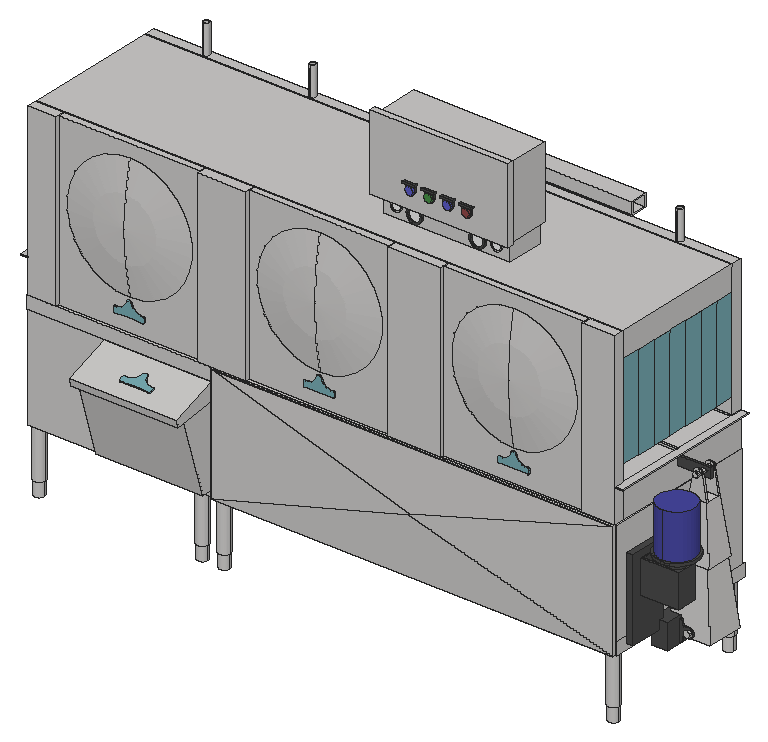
Revit family (continued)
Lines and regions (in)
  symbolic lines, visible <- "Swing Doors"
    curve 56: line (28.26522, -72.99273, 55.5) -> (28.26522, -74.11773, 55.5)
    curve 57: line (29.01522, -72.99273, 55.5) -> (29.01522, -74.11773, 55.5)
    curve 58: arc (29.01522, -74.11773, 55.5) -> (28.64022, -74.49273, 55.5) -> (28.26522, -74.11773, 55.5) r 0.375
    curve 59: line (39.64022, -72.99273, 55.5) -> (39.64022, -74.11773, 55.5)
    curve 60: line (40.39022, -72.99273, 55.5) -> (40.39022, -74.11773, 55.5)
    curve 61: arc (40.39022, -74.11773, 55.5) -> (40.01522, -74.49273, 55.5) -> (39.64022, -74.11773, 55.5) r 0.375
  symbolic lines, style "QF_Clearances", visible <- "Swing Doors", detail levels coarse
    curve 62: line (-22.70185, -73, 55.5) -> (-22.70185, -95.5, 55.5)
    curve 63: arc (-22.70185, -95.5, 55.5) -> (-6.79195, -88.9099, 55.5) -> (-0.20185, -73, 55.5) r 22.5
    curve 64: line (7.57772, -73, 55.5) -> (7.57772, -95.5, 55.5)
    curve 65: arc (7.57772, -95.5, 55.5) -> (23.48762, -88.9099, 55.5) -> (30.07772, -73, 55.5) r 22.5
    curve 66: line (61.07772, -73, 55.5) -> (61.07772, -95.5, 55.5)
    curve 67: arc (61.07772, -95.5, 55.5) -> (45.16782, -88.9099, 55.5) -> (38.57772, -73, 55.5) r 22.5
  symbolic lines, style "QF_Surface Details"
    curve 68: line (18.81124, -55.78126, 52.4375) -> (47.81124, -55.78126, 52.4375)
    curve 69: line (47.81124, -55.78126, 52.4375) -> (43.31124, -53.28687, 52.4375)
    curve 70: line (47.81124, -55.78126, 52.4375) -> (43.31124, -58.27565, 52.4375)
Dimensions and locks (in)
  "Depth": plane 6 "FRONT" to plane 3 "BACK"
  locked: plane 7 "Right of Top" to plane 5 "RIGHT" at 0.25
  locked: plane 7 "Right of Top" to plane 8 "Right of Ledge" at 1.5
  locked: plane 11 "Bottom of Machine" to level at 10
  "Table Height": plane 12 "Table Height" to level
  "Machine Height": plane 13 "Top of Machine" to level
  "Total Height": plane 4 "TOP" to level
  locked: plane 15 to plane 11 "Bottom of Machine" at 2
  locked: plane 12 "Table Height" to plane 14 "Panel Top" at 5.5
  locked: plane 6 "FRONT" to plane 16 at 0.5
  locked: plane 3 "BACK" to plane 17 at 0.5
  locked: plane 18 to plane 2 "Left of Main Body" at 0.25
  locked: plane 5 "RIGHT" to plane 19 at 0.25
  locked: plane 3 "BACK" to plane 20 at 1.625
  locked: plane 6 "FRONT" to plane 21 at 1.625
  equal spacing: plane 2 "Left of Main Body", plane 22 "Door Center", plane 5 "RIGHT"
  "Single Door Opening": plane 23 to plane 24
  locked: plane 13 "Top of Machine" to plane 25 "Top of Opening" at 4
  locked: plane 22 "Door Center" to Blend 10 sketch curve at 0.03125  (x2)
  locked: Extrusion 13 sketch curve to plane 21 at 1.125
  locked: plane 26 to level at 2.25
  plane 18 to Extrusion 14 sketch curve = 0' - 1 1/4"
  plane 17 to Extrusion 14 sketch curve = 0' - 1 1/2"
  locked: plane 17 to Extrusion 15 sketch curve at 1.5
  locked: plane 18 to Extrusion 15 sketch curve at 1.25
  locked: plane 17 to Extrusion 16 sketch curve at 1.5
  locked: Extrusion 16 sketch curve to plane 19 at 1.25
  locked: Extrusion 17 sketch curve to plane 19 at 1.25
  locked: plane 17 to Extrusion 17 sketch curve at 1.5
  locked: Extrusion 20 sketch curve to plane 19 at 1.25
  locked: Extrusion 20 sketch curve to plane 16 at 1.5
  locked: Extrusion 21 sketch curve to plane 19 at 1.25
  locked: Extrusion 21 sketch curve to plane 16 at 1.5
  locked: Extrusion 18 sketch curve to plane 16 at 1.5
  locked: plane 18 to Extrusion 18 sketch curve at 1.25
  locked: Extrusion 19 sketch curve to plane 16 at 1.5
  locked: plane 18 to Extrusion 19 sketch curve at 1.25
  locked: plane 27 to plane 22 "Door Center" at 10
  locked: plane 27 to plane 28 at 20
  locked: plane 29 to plane 22 "Door Center" at 11
  locked: plane 29 to plane 30 at 22
  plane 31 "Front of Lower Panel" to plane 6 "FRONT" = 0' - 6 1/2"
  locked: plane 32 to plane 31 "Front of Lower Panel" at 6
  locked: plane 33 to plane 6 "FRONT" at 6
  locked: plane 34 "Back of Panel" to plane 33 at 7
  locked: plane 33 to plane 35 "Front of Upper Panel" at 1
  locked: plane 29 to plane 36 at 0.5
  locked: plane 37 to plane 30 at 0.5
  locked: Extrusion 27 sketch curve to plane 27 at 5
  locked: Extrusion 27 sketch curve to plane 13 "Top of Machine" at 1.5
  locked: Extrusion 28 sketch curve to plane 27 at 2
  locked: Extrusion 28 sketch curve to plane 13 "Top of Machine" at 1.75
  locked: Extrusion 31 sketch curve to plane 28 at 5
  locked: Extrusion 31 sketch curve to plane 13 "Top of Machine" at 1.5
  locked: Extrusion 32 sketch curve to plane 28 at 2
  locked: Extrusion 32 sketch curve to plane 13 "Top of Machine" at 1.75
  locked: Extrusion 41 sketch curve to plane 23 at 11.25035
  locked: Extrusion 41 sketch curve to plane 14 "Panel Top" at 4.12493
  locked: plane 38 to plane 9 "Right End Cowl" at 0.125
  locked: plane 10 to plane 39 at 3.875
  locked: plane 40 to plane 41 at 24.875
  locked: plane 41 to plane 6 "FRONT" at 0.0625
  plane 42 "Top of Vents" to plane 13 "Top of Machine" = 0' - 4"
  locked: Extrusion 46 sketch curve to plane 5 "RIGHT" at 1.375
  locked: plane 5 "RIGHT" to Extrusion 47 sketch curve at 6
  locked: plane 5 "RIGHT" to Extrusion 50 sketch curve at 6
  locked: plane 5 "RIGHT" to Extrusion 51 sketch curve at 6
  locked: plane 5 "RIGHT" to Blend 49 sketch curve at 6
  locked: Extrusion 62 sketch curve to plane 3 "BACK" at 0.75
  locked: plane 43 to plane 22 "Door Center" at 14.5
  locked: plane 43 to plane 44 at 29
  locked: plane 46 to plane 13 "Top of Machine" at 2
  locked: plane 45 to plane 3 "BACK" at 3
  Extrusion 65 sketch curve to plane 13 "Top of Machine" = 1' - 1"
  locked: plane 30 to Extrusion 65 sketch curve at 1
  Extrusion 66 sketch curve to plane 3 "BACK" = 0' - 3"
  locked: plane 47 to plane 3 "BACK" at 5
  locked: plane 48 to plane 13 "Top of Machine" at 29
  "Single Door Opening": plane 49 to plane 50
  locked: Extrusion 62 sketch curve to plane 5 "RIGHT" at 9
  locked: Extrusion 75 sketch curve to plane 3 "BACK" at 0.75
  locked: plane 51 to plane 53 at 0.125
  locked: plane 54 to plane 52 at 3.875
  "Width": plane 55 "LEFT" to plane 5 "RIGHT"
  locked: plane 57 to plane 56 at 1.5
  "Single Door Opening": plane 60 to plane 59
  locked: plane 55 "LEFT" to Extrusion 94 sketch curve at 9
  Extrusion 66 sketch curve to plane 5 "RIGHT" = 0' - 5"
  locked: plane 55 "LEFT" to plane 56 at 0.25
  locked: plane 58 to plane 55 "LEFT" at 0.25
  locked: plane 61 to plane 18 at 17
  plane 55 "LEFT" to Extrusion 89 sketch curve = 1' - 9"
  plane 55 "LEFT" to Extrusion 75 sketch curve = 2' - 2"
  locked: plane 53 to plane 54 at 2.9375
  locked: plane 51 to plane 55 "LEFT" at 10
  locked: plane 39 to plane 38 at 2.9375
  plane 5 "RIGHT" to plane 9 "Right End Cowl" = 0' - 10"
  locked: plane 55 "LEFT" to plane 2 "Left of Main Body" at 29.5
  locked: plane 55 "LEFT" to plane 60 at 4.47043
  locked: plane 2 "Left of Main Body" to plane 23 at 5.25
  locked: plane 50 to plane 5 "RIGHT" at 5.25
  locked: plane 60 to plane 63 at 0.25
  locked: plane 65 to plane 59 at 0.125
  locked: plane 67 to plane 59 at 1.4375
  locked: plane 23 to plane 62 at 0.25
  plane 64 to plane 24 = 0' - 0 1/8"
  locked: plane 66 to plane 24 at 1.4375
  locked: plane 49 to plane 68 at 0.125
  locked: plane 49 to plane 69 at 1.4375
  locked: plane 70 to plane 50 at 0.25
  aligned and locked: level to plane 1
  aligned and locked: Extrusion 1 sketch curve to plane 17
  aligned and locked: Extrusion 1 sketch curve to plane 18
  aligned and locked: plane 19 to Extrusion 1 sketch curve
  aligned and locked: Extrusion 1 to plane 11 "Bottom of Machine"
  aligned and locked: plane 15 to Extrusion 1
  aligned and locked: plane 2 "Left of Main Body" to Extrusion 2 sketch curve
  aligned and locked: plane 6 "FRONT" to Extrusion 2 sketch curve
  aligned and locked: plane 3 "BACK" to Extrusion 2 sketch curve
  aligned and locked: plane 14 "Panel Top" to Extrusion 2
  aligned and locked: Extrusion 2 to plane 15
  aligned: plane 2 "Left of Main Body" to Extrusion 3 sketch curve
  aligned and locked: Extrusion 3 sketch curve to plane 6 "FRONT"
  aligned and locked: Extrusion 3 sketch curve to plane 3 "BACK"
  aligned and locked: plane 5 "RIGHT" to Extrusion 4 sketch curve
  aligned and locked: plane 6 "FRONT" to Extrusion 4 sketch curve
  aligned and locked: plane 8 "Right of Ledge" to Extrusion 4 sketch curve
  aligned and locked: plane 3 "BACK" to Extrusion 4 sketch curve
  aligned and locked: plane 3 "BACK" to Extrusion 5 sketch curve
  aligned and locked: Extrusion 5 sketch curve to plane 21
  aligned and locked: Extrusion 5 to plane 14 "Panel Top"
  aligned and locked: plane 3 "BACK" to Extrusion 6 sketch curve
  aligned and locked: plane 20 to Extrusion 6 sketch curve
  aligned and locked: Extrusion 7 sketch curve to plane 5 "RIGHT"
  aligned and locked: Extrusion 7 sketch curve to plane 21
  aligned and locked: Extrusion 7 sketch curve to plane 20
  aligned and locked: plane 3 "BACK" to Extrusion 8 sketch curve
  aligned and locked: plane 20 to Extrusion 8 sketch curve
  aligned and locked: Extrusion 8 sketch curve to plane 5 "RIGHT"
  aligned and locked: Extrusion 8 to plane 12 "Table Height"
  aligned and locked: Extrusion 7 to plane 25 "Top of Opening"
  aligned and locked: Extrusion 9 sketch curve to plane 23
  aligned and locked: plane 14 "Panel Top" to Extrusion 9 sketch curve
  aligned and locked: Extrusion 9 to plane 21
  aligned and locked: Extrusion 9 sketch curve to plane 13 "Top of Machine"
  aligned and locked: plane 2 "Left of Main Body" to Blend 10 sketch curve
  aligned and locked: plane 11 "Bottom of Machine" to Blend 10 sketch curve
  aligned and locked: Blend 10 sketch curve to plane 14 "Panel Top"
  aligned and locked: Blend 10 sketch curve to plane 5 "RIGHT"
  aligned and locked: plane 6 "FRONT" to Extrusion 1 sketch curve
  aligned and locked: plane 2 "Left of Main Body" to Extrusion 11 sketch curve
  aligned and locked: Extrusion 11 sketch curve to plane 6 "FRONT"
  aligned and locked: plane 16 to Extrusion 11 sketch curve
  aligned and locked: Extrusion 11 sketch curve to plane 5 "RIGHT"
  aligned and locked: Extrusion 11 to plane 11 "Bottom of Machine"
  aligned and locked: plane 14 "Panel Top" to Extrusion 11
  aligned and locked: Extrusion 12 sketch curve to plane 13 "Top of Machine"
  aligned and locked: Extrusion 12 sketch curve to plane 5 "RIGHT"
  aligned and locked: plane 14 "Panel Top" to Extrusion 12 sketch curve
  aligned and locked: Extrusion 12 to plane 21
  aligned and locked: Extrusion 13 sketch curve to plane 24
  aligned and locked: plane 21 to Extrusion 13 sketch curve
  aligned and locked: plane 23 to Extrusion 13 sketch curve
  aligned and locked: Extrusion 13 to plane 14 "Panel Top"
  aligned and locked: plane 26 to Extrusion 14
  aligned and locked: Extrusion 15 to plane 26
  aligned and locked: plane 11 "Bottom of Machine" to Extrusion 15
  aligned and locked: plane 21 to Extrusion 22 sketch curve
  aligned and locked: plane 5 "RIGHT" to Extrusion 22 sketch curve  (x7)
  aligned and locked: plane 20 to Extrusion 22 sketch curve
  aligned: plane 2 "Left of Main Body" to Extrusion 23 sketch curve  (x7)
  aligned and locked: Extrusion 23 sketch curve to plane 20
  aligned and locked: Extrusion 23 sketch curve to plane 21
  aligned and locked: Extrusion 24 sketch curve to plane 32
  aligned and locked: plane 31 "Front of Lower Panel" to Extrusion 24 sketch curve
  aligned and locked: plane 27 to Extrusion 24 sketch curve
  aligned and locked: plane 28 to Extrusion 24 sketch curve
  aligned and locked: Extrusion 25 sketch curve to plane 34 "Back of Panel"
  aligned and locked: plane 33 to Extrusion 25 sketch curve
  aligned and locked: plane 36 to Extrusion 25 sketch curve
  aligned and locked: Extrusion 25 sketch curve to plane 37
  aligned and locked: Extrusion 26 sketch curve to plane 33
  aligned and locked: plane 35 "Front of Upper Panel" to Extrusion 26 sketch curve
  aligned and locked: plane 29 to Extrusion 26 sketch curve
  aligned and locked: Extrusion 26 sketch curve to plane 30
  aligned and locked: Extrusion 29 sketch curve to Extrusion 28  (x2)
  aligned and locked: Extrusion 30 sketch curve to Extrusion 27  (x2)
  aligned and locked: Extrusion 33 sketch curve to Extrusion 32  (x2)
  aligned and locked: Extrusion 34 sketch curve to Extrusion 31  (x2)
  aligned and locked: Extrusion 42 sketch curve to plane 13 "Top of Machine"
  aligned and locked: Extrusion 42 sketch curve to plane 6 "FRONT"
  aligned and locked: plane 21 to Extrusion 42 sketch curve
  aligned and locked: plane 20 to Extrusion 42 sketch curve
  aligned and locked: plane 3 "BACK" to Extrusion 42 sketch curve
  aligned and locked: plane 6 "FRONT" to Extrusion 43 sketch curve
  aligned and locked: Extrusion 43 sketch curve to plane 13 "Top of Machine"
  aligned and locked: plane 3 "BACK" to Extrusion 43 sketch curve
  aligned and locked: plane 20 to Extrusion 43 sketch curve
  aligned and locked: plane 25 "Top of Opening" to Extrusion 43 sketch curve
  aligned and locked: plane 21 to Extrusion 43 sketch curve
  aligned and locked: Extrusion 43 to plane 38
  aligned and locked: plane 38 to Extrusion 42
  aligned and locked: Extrusion 44 sketch curve to plane 10
  aligned and locked: plane 39 to Extrusion 44 sketch curve
  aligned and locked: plane 40 to Extrusion 44 sketch curve
  aligned and locked: Extrusion 44 sketch curve to plane 41
  aligned and locked: Extrusion 45 sketch curve to Extrusion 44  (x4)
  aligned and locked: Blend 49 sketch curve to Extrusion 48  (x2)
  aligned and locked: Extrusion 58 sketch curve to Extrusion 56  (x2)
  aligned and locked: Extrusion 46 to plane 5 "RIGHT"
  aligned and locked: Extrusion 52 to plane 5 "RIGHT"
  aligned: nested 1 to cut or joined group of Extrusion 42, Extrusion 45
  aligned and locked: plane 10 to nested 1
  aligned and locked: plane 39 to nested 1
  aligned and locked: plane 41 to nested 1
  aligned and locked: nested 1 to plane 40
  aligned and locked: Extrusion 63 to plane 43
  aligned and locked: Extrusion 63 to plane 44
  aligned and locked: Extrusion 64 to plane 44
  aligned and locked: Extrusion 64 to plane 43
  aligned and locked: plane 3 "BACK" to curve 1
  aligned and locked: curve 4 to plane 5 "RIGHT"
  aligned and locked: plane 6 "FRONT" to curve 3
  aligned and locked: curve 6 to plane 9 "Right End Cowl"
  aligned and locked: plane 43 to curve 8
  aligned and locked: plane 44 to curve 10
  aligned and locked: curve 9 to plane 45
  aligned and locked: plane 8 "Right of Ledge" to curve 12
  aligned and locked: curve 13 to plane 34 "Back of Panel"
  aligned and locked: plane 33 to curve 15
  aligned and locked: plane 36 to curve 14
  aligned and locked: curve 16 to plane 37
  aligned and locked: plane 29 to curve 20
  aligned and locked: plane 35 "Front of Upper Panel" to curve 19
  aligned and locked: curve 18 to plane 30
  aligned and locked: plane 41 to curve 24
  aligned and locked: curve 25 to plane 39
  aligned and locked: plane 10 to curve 23
  aligned and locked: curve 22 to plane 40
  aligned and locked: Extrusion 67 sketch curve to plane 17  (x2)
  aligned and locked: plane 47 to Extrusion 67 sketch curve
  aligned and locked: plane 44 to Extrusion 67 sketch curve
  aligned and locked: Extrusion 67 sketch curve to plane 45
  aligned and locked: plane 43 to Extrusion 67 sketch curve
  aligned: plane 42 "Top of Vents" to Extrusion 67
  aligned: plane 4 "TOP" to Extrusion 67
  aligned and locked: plane 13 "Top of Machine" to Extrusion 68 sketch curve
  aligned and locked: Extrusion 68 sketch curve to plane 24
  aligned and locked: plane 23 to Extrusion 68 sketch curve
  aligned and locked: Extrusion 68 sketch curve to plane 48
  aligned and locked: Extrusion 68 to plane 21
  aligned and locked: Extrusion 67 sketch curve to plane 8 "Right of Ledge"
  aligned and locked: Extrusion 69 sketch curve to plane 47
  aligned and locked: Extrusion 69 sketch curve to plane 8 "Right of Ledge"
  aligned and locked: plane 17 to Extrusion 69 sketch curve
  aligned and locked: Extrusion 69 sketch curve to plane 9 "Right End Cowl"
  aligned and locked: plane 4 "TOP" to Extrusion 69
  aligned and locked: curve 28 to plane 9 "Right End Cowl"
  aligned and locked: curve 27 to plane 47
  aligned and locked: Extrusion 71 sketch curve to plane 50
  aligned and locked: plane 49 to Extrusion 71 sketch curve
  aligned and locked: Extrusion 72 sketch curve to plane 50
  aligned and locked: plane 49 to Extrusion 72 sketch curve
  aligned and locked: plane 50 to Extrusion 12 sketch curve
  aligned and locked: plane 24 to Extrusion 74 sketch curve
  aligned and locked: Extrusion 74 sketch curve to plane 49
  aligned and locked: Extrusion 74 sketch curve to plane 13 "Top of Machine"
  aligned and locked: plane 14 "Panel Top" to Extrusion 74 sketch curve
  aligned and locked: Extrusion 74 to plane 21
  aligned and locked: Extrusion 74 to plane 6 "FRONT"
  aligned and locked: Extrusion 76 sketch curve to Extrusion 66  (x2)
  aligned and locked: Extrusion 77 to plane 53
  aligned and locked: plane 53 to Extrusion 78
  aligned and locked: plane 54 to Extrusion 79 sketch curve
  aligned and locked: Extrusion 79 sketch curve to plane 52
  aligned and locked: curve 30 to plane 51
  aligned and locked: curve 35 to plane 52
  aligned and locked: plane 54 to curve 33
  aligned and locked: plane 51 to Extrusion 80 sketch curve
  aligned and locked: plane 51 to curve 36
  aligned and locked: Extrusion 90 sketch curve to Extrusion 89  (x2)
  aligned and locked: plane 59 to Extrusion 9 sketch curve
  aligned and locked: Extrusion 91 sketch curve to plane 60
  aligned and locked: plane 55 "LEFT" to Extrusion 91 sketch curve
  aligned and locked: plane 55 "LEFT" to Extrusion 5 sketch curve
  aligned and locked: Extrusion 5 sketch curve to plane 5 "RIGHT"
  aligned and locked: Extrusion 6 sketch curve to plane 5 "RIGHT"  (x2)
  aligned and locked: plane 55 "LEFT" to Extrusion 6 sketch curve  (x2)
  aligned and locked: Extrusion 92 sketch curve to plane 58
  aligned: plane 18 to Extrusion 92 sketch curve
  aligned and locked: plane 19 to Extrusion 2 sketch curve
  aligned and locked: plane 55 "LEFT" to Extrusion 8 sketch curve
  aligned and locked: plane 55 "LEFT" to Extrusion 7 sketch curve
  aligned and locked: plane 57 to Extrusion 80
  aligned and locked: Extrusion 84 to plane 55 "LEFT"
  aligned and locked: Extrusion 84 to plane 11 "Bottom of Machine"
  aligned and locked: plane 61 to Extrusion 85
  aligned and locked: Extrusion 86 to Extrusion 85
  aligned and locked: plane 61 to curve 42
  aligned and locked: cut or joined group of Extrusion 42, Extrusion 45 to plane 5 "RIGHT"
  aligned and locked: plane 63 to Extrusion 115 sketch curve
  aligned and locked: Extrusion 115 sketch curve to plane 65
  aligned and locked: plane 21 to Extrusion 115 sketch curve
  aligned and locked: plane 6 "FRONT" to Extrusion 115 sketch curve
  aligned and locked: plane 62 to Extrusion 116 sketch curve
  aligned and locked: Extrusion 116 sketch curve to plane 64
  aligned and locked: plane 21 to Extrusion 116 sketch curve
  aligned and locked: plane 6 "FRONT" to Extrusion 116 sketch curve
  aligned and locked: plane 68 to Extrusion 117 sketch curve
  aligned and locked: Extrusion 117 sketch curve to plane 70
  aligned and locked: plane 21 to Extrusion 117 sketch curve
  aligned and locked: plane 6 "FRONT" to Extrusion 117 sketch curve
  aligned and locked: Extrusion 115 to plane 14 "Panel Top"
  aligned and locked: Extrusion 116 to plane 14 "Panel Top"
  aligned and locked: Extrusion 117 to plane 14 "Panel Top"
  aligned and locked: curve 62 to plane 60
  aligned and locked: curve 64 to plane 23
  aligned and locked: curve 66 to plane 50
Automatic sketch dimensions
  Extrusion 35 sketch curve to Extrusion 35 sketch curve = 0' - 1"  (x3)
  Extrusion 35 sketch curve to Extrusion 35 sketch curve = 0' - 2"  (x4)
  Extrusion 35 sketch curve to Extrusion 35 sketch curve = 0' - 0 1/4"  (x5)
  Extrusion 35 sketch curve to Extrusion 35 sketch curve = 0' - 0"  (x2)
  Extrusion 40 sketch curve to Extrusion 40 sketch curve = 0' - 1 1/2"  (x3)
  Extrusion 40 sketch curve to Extrusion 40 sketch curve = 0' - 0 3/4"  (x4)
  Extrusion 40 sketch curve to Extrusion 40 sketch curve = 0' - 0"  (x3)
  Extrusion 40 sketch curve to Extrusion 40 sketch curve = 0' - 0 7/8"  (x4)
  Extrusion 86 sketch curve to Extrusion 86 sketch curve = 0' - 0.24812"
  Extrusion 86 sketch curve to Extrusion 86 sketch curve = 0' - 1.04649"
  Extrusion 87 sketch curve to Extrusion 87 sketch curve = 0' - 0.25142"  (x2)
  Extrusion 87 sketch curve to Extrusion 87 sketch curve = 0' - 0.25483"
  Extrusion 87 sketch curve to Extrusion 87 sketch curve = 0' - 0.30345"
  Extrusion 87 sketch curve to Extrusion 87 sketch curve = 0' - 1.63184"  (x2)
  Extrusion 87 sketch curve to Extrusion 87 sketch curve = 0' - 1.52338"
  Extrusion 87 sketch curve to Extrusion 87 sketch curve = 0' - 0.41934"
  Extrusion 87 sketch curve to Extrusion 87 sketch curve = 0' - 0.42496"
  Extrusion 87 sketch curve to Extrusion 87 sketch curve = 0' - 0"  (x2)
  Extrusion 87 sketch curve to Extrusion 87 sketch curve = 0' - 1.22253"
  Extrusion 87 sketch curve to Extrusion 87 sketch curve = 0' - 1.51845"
  Extrusion 87 sketch curve to Extrusion 87 sketch curve = 0' - 0.00341"
  Extrusion 87 sketch curve to Extrusion 87 sketch curve = 0' - 11.90119"
  Extrusion 87 sketch curve to Extrusion 87 sketch curve = 0' - 0.08323"
  Extrusion 87 sketch curve to Extrusion 87 sketch curve = 0' - 0.48493"  (x2)
  Extrusion 87 sketch curve to Extrusion 87 sketch curve = 0' - 1.96861"
  Extrusion 105 sketch curve to Extrusion 105 sketch curve = 0' - 1"  (x3)
  Extrusion 105 sketch curve to Extrusion 105 sketch curve = 0' - 2"  (x4)
  Extrusion 105 sketch curve to Extrusion 105 sketch curve = 0' - 0 1/4"  (x5)
  Extrusion 105 sketch curve to Extrusion 105 sketch curve = 0' - 0"  (x2)
  Extrusion 110 sketch curve to Extrusion 110 sketch curve = 0' - 1 1/2"  (x3)
  Extrusion 110 sketch curve to Extrusion 110 sketch curve = 0' - 0 3/4"  (x4)
  Extrusion 110 sketch curve to Extrusion 110 sketch curve = 0' - 0"  (x3)
  Extrusion 110 sketch curve to Extrusion 110 sketch curve = 0' - 0 7/8"  (x4)
  Extrusion 85 sketch curve to Extrusion 85 sketch curve = 0' - 3.69119"
  Extrusion 85 sketch curve to Extrusion 85 sketch curve = 0' - 5.50369"
  Extrusion 85 sketch curve to Extrusion 85 sketch curve = 1' - 0.07335"
  Extrusion 85 sketch curve to Extrusion 85 sketch curve = 0' - 0.73915"
  Extrusion 86 sketch curve to Extrusion 86 sketch curve = 0' - 6.75188"
  Extrusion 86 sketch curve to Extrusion 86 sketch curve = 0' - 0.90679"
  Extrusion 86 sketch curve to Extrusion 86 sketch curve = 0' - 2 11/16"
  Extrusion 87 sketch curve to Extrusion 87 sketch curve = 0' - 0.61126"
  Extrusion 112 sketch curve to Extrusion 112 sketch curve = 0' - 0.24812"
  Extrusion 112 sketch curve to Extrusion 112 sketch curve = 0' - 1.04649"
  Extrusion 113 sketch curve to Extrusion 113 sketch curve = 0' - 0.25142"  (x2)
  Extrusion 113 sketch curve to Extrusion 113 sketch curve = 0' - 0.25483"
  Extrusion 113 sketch curve to Extrusion 113 sketch curve = 0' - 0.30345"
  Extrusion 113 sketch curve to Extrusion 113 sketch curve = 0' - 1.63184"  (x2)
  Extrusion 113 sketch curve to Extrusion 113 sketch curve = 0' - 1.52338"
  Extrusion 113 sketch curve to Extrusion 113 sketch curve = 0' - 0.41934"
  Extrusion 113 sketch curve to Extrusion 113 sketch curve = 0' - 0.42496"
  Extrusion 113 sketch curve to Extrusion 113 sketch curve = 0' - 0"  (x2)
  Extrusion 113 sketch curve to Extrusion 113 sketch curve = 0' - 1.22253"
  Extrusion 113 sketch curve to Extrusion 113 sketch curve = 0' - 1.51845"
  Extrusion 113 sketch curve to Extrusion 113 sketch curve = 0' - 0.00341"
  Extrusion 113 sketch curve to Extrusion 113 sketch curve = 0' - 11.90119"
  Extrusion 113 sketch curve to Extrusion 113 sketch curve = 0' - 0.08323"
  Extrusion 113 sketch curve to Extrusion 113 sketch curve = 0' - 0.48493"  (x2)
  Extrusion 113 sketch curve to Extrusion 113 sketch curve = 0' - 1.96861"
  Extrusion 111 sketch curve to Extrusion 111 sketch curve = 0' - 3.69119"
  Extrusion 111 sketch curve to Extrusion 111 sketch curve = 0' - 5.50369"
  Extrusion 111 sketch curve to Extrusion 111 sketch curve = 1' - 0.07335"
  Extrusion 111 sketch curve to Extrusion 111 sketch curve = 0' - 0.73915"
  Extrusion 112 sketch curve to Extrusion 112 sketch curve = 0' - 6.75188"
  Extrusion 112 sketch curve to Extrusion 112 sketch curve = 0' - 0.90679"
  Extrusion 112 sketch curve to Extrusion 112 sketch curve = 0' - 2 11/16"
  Extrusion 113 sketch curve to Extrusion 113 sketch curve = 0' - 0.61126"
  plane 32 to Extrusion 6 sketch curve = 0' - 0 1/4"
  Extrusion 6 sketch curve to plane 32 = 0' - 0 1/4"
  Extrusion 27 sketch curve to Extrusion 27 sketch curve = 0' - 0"  (x2)
  Extrusion 28 sketch curve to Extrusion 28 sketch curve = 0' - 0"  (x2)
  Extrusion 31 sketch curve to Extrusion 31 sketch curve = 0' - 0"  (x2)
  Extrusion 32 sketch curve to Extrusion 32 sketch curve = 0' - 0"  (x2)
  Extrusion 44 sketch curve to plane 41 = 0' - 0 1/8"
  plane 40 to Extrusion 44 sketch curve = 0' - 0 1/8"
  Extrusion 44 sketch curve to plane 10 = 0' - 0 1/8"
  plane 39 to Extrusion 44 sketch curve = 0' - 0 1/8"
  Extrusion 47 sketch curve to plane 35 "Front of Upper Panel" = 0' - 0 3/16"
  Blend 49 sketch curve to plane 35 "Front of Upper Panel" = 0' - 0 3/16"
  Extrusion 50 sketch curve to plane 35 "Front of Upper Panel" = 0' - 0 3/16"
  Extrusion 51 sketch curve to plane 35 "Front of Upper Panel" = 0' - 0 3/16"
  Blend 59 sketch curve to plane 8 "Right of Ledge" = 0' - 0 5/16"
  Blend 59 sketch curve to plane 32 = 0' - 2 1/4"
  plane 34 "Back of Panel" to Blend 59 sketch curve = 0' - 1 3/4"
  Blend 59 sketch curve to plane 39 = 0' - 0 1/4"
  Blend 59 sketch curve to plane 10 = 0' - 0 1/4"
  Blend 59 sketch curve to plane 32 = 0' - 1 1/4"
  plane 34 "Back of Panel" to Blend 59 sketch curve = 0' - 0 3/4"
  Blend 59 sketch curve to plane 39 = 0' - 1 1/4"
  plane 39 to Blend 60 sketch curve = 0' - 0 1/2"
  plane 31 "Front of Lower Panel" to Blend 60 sketch curve = 0' - 3"
  plane 34 "Back of Panel" to Blend 60 sketch curve = 0' - 2 1/2"
  plane 8 "Right of Ledge" to Blend 60 sketch curve = 0' - 0 7/16"
  Blend 60 sketch curve to plane 8 "Right of Ledge" = 0' - 0 9/16"
  Blend 60 sketch curve to plane 32 = 0' - 2"
  plane 34 "Back of Panel" to Blend 60 sketch curve = 0' - 1 1/2"
  Blend 60 sketch curve to plane 39 = 0' - 0 1/2"
  Extrusion 63 sketch curve to plane 46 = 0' - 0"
  Extrusion 63 sketch curve to plane 13 "Top of Machine" = 0' - 0"
  Extrusion 63 sketch curve to plane 45 = 0' - 0"
  Extrusion 63 sketch curve to plane 45 = 0' - 0 1/8"
  Extrusion 63 sketch curve to plane 17 = 0' - 0 1/8"
  Extrusion 63 sketch curve to Extrusion 63 sketch curve = 0' - 0 1/8"
  plane 13 "Top of Machine" to Extrusion 63 sketch curve = 0' - 0 1/8"
  Extrusion 63 sketch curve to plane 46 = 0' - 0 1/8"
  Extrusion 64 sketch curve to plane 3 "BACK" = 0' - 0"
  Extrusion 64 sketch curve to plane 13 "Top of Machine" = 0' - 0"
  Extrusion 64 sketch curve to plane 3 "BACK" = 0' - 0 1/4"
  Extrusion 64 sketch curve to Extrusion 64 sketch curve = 0' - 0 1/8"
  Extrusion 72 sketch curve to plane 13 "Top of Machine" = 0' - 0"
  Extrusion 72 sketch curve to plane 48 = 0' - 0"
  Extrusion 79 sketch curve to plane 41 = 0' - 0"
  Extrusion 79 sketch curve to plane 40 = 0' - 0"
  plane 41 to Extrusion 79 sketch curve = 0' - 0 1/8"
  Extrusion 79 sketch curve to plane 40 = 0' - 0 1/8"
  Extrusion 79 sketch curve to plane 52 = 0' - 0 1/8"
  plane 54 to Extrusion 79 sketch curve = 0' - 0 1/8"
  Extrusion 83 sketch curve to plane 48 = 0' - 0"
  Extrusion 83 sketch curve to plane 59 = 0' - 0"
  Extrusion 83 sketch curve to plane 13 "Top of Machine" = 0' - 0"
  Extrusion 83 sketch curve to plane 60 = 0' - 0"
  plane 41 to Extrusion 93 sketch curve = 0' - 0 1/8"
  Extrusion 93 sketch curve to plane 40 = 0' - 0 1/8"
  Extrusion 93 sketch curve to plane 52 = 0' - 0 1/8"
  plane 54 to Extrusion 93 sketch curve = 0' - 0 1/8"
  plane 59 to Extrusion 96 sketch curve = 0' - 0.02957"
  plane 20 to Extrusion 96 sketch curve = 0' - 0 5/8"
  plane 59 to Extrusion 97 sketch curve = 0' - 0.02957"
  plane 20 to Extrusion 97 sketch curve = 0' - 0 5/8"
  plane 56 to Extrusion 100 sketch curve = 0' - 0 3/4"
  plane 20 to Extrusion 100 sketch curve = 0' - 0 5/8"
  plane 56 to Extrusion 101 sketch curve = 0' - 0 3/4"
  plane 20 to Extrusion 101 sketch curve = 0' - 0 5/8"
  curve 37 to plane 57 = 0' - 0"
  curve 41 to plane 60 = 0' - 0"
  plane 21 to curve 39 = 0' - 0"
  curve 39 to plane 59 = 0' - 0"
  curve 44 to plane 6 "FRONT" = 0' - 0"
  curve 44 to plane 18 = 0' - 0"
  plane 21 to curve 47 = 0' - 0"
  curve 47 to plane 23 = 0' - 0"
  curve 48 to plane 24 = 0' - 0"
  plane 21 to curve 50 = 0' - 0"
  curve 50 to plane 49 = 0' - 0"
  curve 26 to plane 50 = 0' - 0"
  curve 52 to plane 50 = 0' - 0"
  curve 49 to plane 6 "FRONT" = 0' - 0"
  curve 51 to plane 6 "FRONT" = 0' - 0"
  curve 42 to plane 6 "FRONT" = 0' - 0"
  curve 46 to plane 6 "FRONT" = 0' - 0"
  curve 48 to plane 6 "FRONT" = 0' - 0"
  curve 38 to plane 6 "FRONT" = 0' - 0"
  curve 40 to plane 6 "FRONT" = 0' - 0"
  curve 36 to plane 17 = 0' - 0"
  curve 28 to plane 17 = 0' - 0"
  curve 44 to plane 16 = 0' - 6 1/2"
  plane 41 to curve 45 = 0' - 0 7/16"
  plane 41 to curve 52 = 0' - 0 7/16"
  plane 41 to curve 41 = 0' - 0 7/16"
  Extrusion 3 sketch curve to plane 55 "LEFT" = 0' - 0"
  Extrusion 3 sketch curve to plane 57 = 0' - 0"
  plane 15 to Blend 10 sketch curve = 0' - 7 7/32"
  Blend 10 sketch curve to Blend 10 sketch curve = 0' - 0 1/16"
  Extrusion 22 sketch curve to plane 35 "Front of Upper Panel" = 0' - 0 3/8"
  Extrusion 22 sketch curve to Extrusion 22 sketch curve = 0' - 0 1/8"  (x6)
  plane 31 "Front of Lower Panel" to Extrusion 22 sketch curve = 0' - 1 1/4"
  Extrusion 22 sketch curve to plane 32 = 0' - 1 5/8"
  Extrusion 22 sketch curve to plane 5 "RIGHT" = 0' - 0 1/8"  (x7)
  plane 34 "Back of Panel" to Extrusion 22 sketch curve = 0' - 1"
  Extrusion 22 sketch curve to Extrusion 22 sketch curve = 0' - 3"  (x2)
  Extrusion 23 sketch curve to plane 55 "LEFT" = 0' - 0"  (x7)
  plane 35 "Front of Upper Panel" to Extrusion 23 sketch curve = 0' - 0 3/8"
  Extrusion 23 sketch curve to Extrusion 23 sketch curve = 0' - 0 1/8"  (x10)
  Extrusion 23 sketch curve to plane 31 "Front of Lower Panel" = 0' - 1 1/4"
  plane 32 to Extrusion 23 sketch curve = 0' - 1 5/8"
  Extrusion 23 sketch curve to plane 55 "LEFT" = 0' - 0 1/8"  (x3)
  Extrusion 23 sketch curve to plane 34 "Back of Panel" = 0' - 1"
  Extrusion 23 sketch curve to Extrusion 23 sketch curve = 0' - 3"  (x2)
  Extrusion 41 sketch curve to Extrusion 41 sketch curve = 0' - 0.41934"
  Extrusion 41 sketch curve to plane 43 = 0' - 0.38874"
  plane 43 to Extrusion 41 sketch curve = 0' - 0.94306"
  plane 43 to Extrusion 41 sketch curve = 0' - 1.2431"
  Extrusion 41 sketch curve to Extrusion 41 sketch curve = 0' - 0.00341"  (x2)
  Extrusion 41 sketch curve to Extrusion 41 sketch curve = 0' - 0.25142"  (x2)
  Extrusion 41 sketch curve to plane 43 = 0' - 1"
  Extrusion 41 sketch curve to Extrusion 41 sketch curve = 0' - 0.42496"
  Extrusion 41 sketch curve to Extrusion 41 sketch curve = 0' - 0"
  Extrusion 41 sketch curve to Extrusion 41 sketch curve = 0' - 1.22253"
  Extrusion 41 sketch curve to Extrusion 41 sketch curve = 0' - 1.51845"
  Extrusion 41 sketch curve to Extrusion 41 sketch curve = 0' - 1.63184"
  Extrusion 41 sketch curve to plane 12 "Table Height" = 0' - 2.43574"  (x2)
  Extrusion 41 sketch curve to Extrusion 41 sketch curve = 0' - 0.48493"  (x2)
  Extrusion 41 sketch curve to Extrusion 41 sketch curve = 0' - 0.08323"
  plane 15 to Extrusion 41 sketch curve = 0' - 6.6719"
  Extrusion 42 sketch curve to plane 40 = 0' - 0 1/16"
  plane 41 to Extrusion 42 sketch curve = 0' - 0 1/16"
  Extrusion 42 sketch curve to plane 13 "Top of Machine" = 0' - 0 1/8"
  Extrusion 42 sketch curve to plane 25 "Top of Opening" = 0' - 0.88572"
  Extrusion 42 sketch curve to Extrusion 42 sketch curve = 0' - 0.05178"  (x2)
  Extrusion 42 sketch curve to Extrusion 42 sketch curve = 0' - 1 1/2"  (x2)
  Extrusion 42 sketch curve to Extrusion 42 sketch curve = 0' - 0.17678"  (x2)
  plane 12 "Table Height" to Extrusion 42 sketch curve = 0' - 5.17678"
  Extrusion 43 sketch curve to plane 25 "Top of Opening" = 0' - 0 15/16"
  Extrusion 43 sketch curve to Extrusion 43 sketch curve = 0' - 1 5/8"  (x2)
  plane 12 "Table Height" to Extrusion 43 sketch curve = 0' - 5 1/8"
  plane 19 to Extrusion 46 sketch curve = 0' - 0"
  Extrusion 46 sketch curve to plane 5 "RIGHT" = 0' - 0"
  Extrusion 46 sketch curve to plane 15 = 0' - 0"
  plane 11 "Bottom of Machine" to Extrusion 46 sketch curve = 0' - 0 15/16"
  Extrusion 46 sketch curve to plane 14 "Panel Top" = 0' - 4 9/16"
  Extrusion 52 sketch curve to plane 5 "RIGHT" = 0' - 0"
  plane 10 to Extrusion 52 sketch curve = 0' - 1 3/16"
  Extrusion 52 sketch curve to plane 39 = 0' - 1 7/16"
  Extrusion 52 sketch curve to plane 12 "Table Height" = 0' - 2 5/16"
  Extrusion 52 sketch curve to Extrusion 52 sketch curve = 0' - 0 3/4"
  Extrusion 52 sketch curve to plane 12 "Table Height" = 0' - 0 13/16"
  Extrusion 53 sketch curve to plane 15 = 0' - 0"
  plane 19 to Extrusion 53 sketch curve = 0' - 0"
  Extrusion 53 sketch curve to plane 5 "RIGHT" = 0' - 0"
  Extrusion 53 sketch curve to plane 10 = 0' - 0 5/16"
  Extrusion 53 sketch curve to plane 11 "Bottom of Machine" = 0' - 1 9/16"
  Extrusion 53 sketch curve to Extrusion 53 sketch curve = 0' - 0 7/16"
  Extrusion 54 sketch curve to Extrusion 54 sketch curve = 0' - 0"  (x2)
  plane 11 "Bottom of Machine" to Extrusion 54 sketch curve = 0' - 0 7/16"
  plane 10 to Extrusion 54 sketch curve = 0' - 1 3/16"
  plane 10 to Extrusion 54 sketch curve = 0' - 0 9/16"  (x2)
  Extrusion 54 sketch curve to plane 11 "Bottom of Machine" = 0' - 0 5/16"
  plane 10 to Extrusion 54 sketch curve = 0' - 0 3/16"  (x2)
  Extrusion 54 sketch curve to plane 10 = 0' - 0 1/16"  (x2)
  Extrusion 54 sketch curve to Extrusion 54 sketch curve = 0' - 0 1/4"
  Extrusion 54 sketch curve to Extrusion 54 sketch curve = 0' - 0 5/16"
  Extrusion 54 sketch curve to plane 15 = 0' - 0 1/8"
  Extrusion 55 sketch curve to Extrusion 55 sketch curve = 0' - 0"  (x2)
  plane 11 "Bottom of Machine" to Extrusion 55 sketch curve = 0' - 0 7/16"
  plane 10 to Extrusion 55 sketch curve = 0' - 1 3/16"
  plane 10 to Extrusion 55 sketch curve = 0' - 0 9/16"  (x2)
  Extrusion 55 sketch curve to plane 11 "Bottom of Machine" = 0' - 0 5/16"
  plane 10 to Extrusion 55 sketch curve = 0' - 0 3/16"  (x2)
  Extrusion 55 sketch curve to plane 10 = 0' - 0 1/16"  (x2)
  Extrusion 55 sketch curve to Extrusion 55 sketch curve = 0' - 0 1/4"
  Extrusion 55 sketch curve to Extrusion 55 sketch curve = 0' - 0 5/16"
  Extrusion 55 sketch curve to plane 15 = 0' - 0 1/8"
  Extrusion 56 sketch curve to Extrusion 56 sketch curve = 0' - 0"  (x6)
  plane 14 "Panel Top" to Extrusion 56 sketch curve = 0' - 0 3/16"
  Extrusion 56 sketch curve to plane 39 = 0' - 1 1/4"
  plane 10 to Extrusion 56 sketch curve = 0' - 1.92562"
  Extrusion 56 sketch curve to Extrusion 56 sketch curve = 0' - 0.36312"  (x2)
  Extrusion 56 sketch curve to Extrusion 56 sketch curve = 0' - 0 3/8"
  Extrusion 56 sketch curve to plane 10 = 0' - 0 1/4"
  Extrusion 56 sketch curve to plane 12 "Table Height" = 0' - 1 9/16"
  Extrusion 56 sketch curve to Extrusion 56 sketch curve = 0' - 0.13295"
  Extrusion 57 sketch curve to Extrusion 57 sketch curve = 0' - 0"  (x6)
  plane 14 "Panel Top" to Extrusion 57 sketch curve = 0' - 0 3/16"
  Extrusion 57 sketch curve to plane 39 = 0' - 1 1/4"
  plane 10 to Extrusion 57 sketch curve = 0' - 1.92562"
  Extrusion 57 sketch curve to Extrusion 57 sketch curve = 0' - 0.36312"  (x2)
  Extrusion 57 sketch curve to Extrusion 57 sketch curve = 0' - 0 3/8"
  Extrusion 57 sketch curve to plane 10 = 0' - 0 1/4"
  Extrusion 57 sketch curve to plane 12 "Table Height" = 0' - 1 9/16"
  Extrusion 57 sketch curve to Extrusion 57 sketch curve = 0' - 0.13295"
  Extrusion 61 sketch curve to Extrusion 61 sketch curve = 0' - 0"  (x2)
  plane 11 "Bottom of Machine" to Extrusion 61 sketch curve = 0' - 0 7/16"
  plane 10 to Extrusion 61 sketch curve = 0' - 1 11/16"
  Extrusion 61 sketch curve to Extrusion 61 sketch curve = 0' - 0 1/2"
  Extrusion 62 sketch curve to Extrusion 62 sketch curve = 0' - 0"  (x2)
  Extrusion 66 sketch curve to Extrusion 66 sketch curve = 0' - 0"  (x2)
  curve 30 to plane 6 "FRONT" = 0' - 0"
  curve 12 to plane 6 "FRONT" = 0' - 0"
  curve 34 to plane 41 = 0' - 0"
  curve 32 to plane 40 = 0' - 0"
  plane 3 "BACK" to curve 29 = 0' - 0"
  plane 3 "BACK" to curve 6 = 0' - 0"
  curve 1 to plane 8 "Right of Ledge" = 0' - 0"
  curve 29 to plane 55 "LEFT" = 0' - 0"
  curve 3 to plane 57 = 0' - 0"
  Extrusion 67 sketch curve to plane 57 = 0' - 0"
  Revolve 70 sketch curve to plane 16 = 0' - 0"
  Revolve 70 sketch curve to plane 16 = 0' - 10 3/4"
  plane 41 to Revolve 70 sketch curve = 0' - 0 7/16"
  plane 31 "Front of Lower Panel" to Revolve 70 sketch curve = 0' - 2 3/4"
  Revolve 70 sketch curve to plane 25 "Top of Opening" = 0' - 7.74993"
  plane 47 to Revolve 70 sketch curve = 1' - 5.49935"
  Revolve 70 sketch curve to plane 25 "Top of Opening" = 0' - 8"  (x2)
  plane 21 to Extrusion 71 sketch curve = 0' - 0"
  plane 41 to Extrusion 71 sketch curve = 0' - 0 7/16"
  Revolve 73 sketch curve to plane 16 = 0' - 0"
  Revolve 73 sketch curve to plane 16 = 0' - 10 3/4"
  plane 41 to Revolve 73 sketch curve = 0' - 0 7/16"
  plane 31 "Front of Lower Panel" to Revolve 73 sketch curve = 0' - 2 3/4"
  Revolve 73 sketch curve to plane 25 "Top of Opening" = 0' - 7.74993"
  plane 47 to Revolve 73 sketch curve = 1' - 5.49935"
  Revolve 73 sketch curve to plane 25 "Top of Opening" = 0' - 8"  (x2)
  Extrusion 75 sketch curve to Extrusion 75 sketch curve = 0' - 0"  (x2)
  Extrusion 77 sketch curve to plane 6 "FRONT" = 0' - 0"
  Extrusion 77 sketch curve to plane 21 = 0' - 0"
  Extrusion 77 sketch curve to plane 20 = 0' - 0"
  Extrusion 77 sketch curve to plane 3 "BACK" = 0' - 0"
  Extrusion 77 sketch curve to plane 13 "Top of Machine" = 0' - 0"
  plane 41 to Extrusion 77 sketch curve = 0' - 0 1/16"
  Extrusion 77 sketch curve to plane 40 = 0' - 0 1/16"
  Extrusion 77 sketch curve to plane 13 "Top of Machine" = 0' - 0 1/8"
  Extrusion 77 sketch curve to plane 25 "Top of Opening" = 0' - 0.88572"
  Extrusion 77 sketch curve to Extrusion 77 sketch curve = 0' - 0.05178"  (x2)
  Extrusion 77 sketch curve to Extrusion 77 sketch curve = 0' - 1 1/2"  (x2)
  Extrusion 77 sketch curve to Extrusion 77 sketch curve = 0' - 0.17678"  (x2)
  plane 12 "Table Height" to Extrusion 77 sketch curve = 0' - 5.17678"
  Extrusion 78 sketch curve to plane 6 "FRONT" = 0' - 0"
  Extrusion 78 sketch curve to plane 21 = 0' - 0"
  Extrusion 78 sketch curve to plane 20 = 0' - 0"
  Extrusion 78 sketch curve to plane 3 "BACK" = 0' - 0"
  Extrusion 78 sketch curve to plane 25 "Top of Opening" = 0' - 0"
  Extrusion 78 sketch curve to plane 13 "Top of Machine" = 0' - 0"
  Extrusion 78 sketch curve to plane 25 "Top of Opening" = 0' - 0 15/16"
  Extrusion 78 sketch curve to Extrusion 78 sketch curve = 0' - 1 5/8"  (x2)
  plane 12 "Table Height" to Extrusion 78 sketch curve = 0' - 5 1/8"
  Extrusion 80 sketch curve to plane 17 = 0' - 0"
  Extrusion 80 sketch curve to plane 57 = 0' - 0"
  Extrusion 80 sketch curve to plane 47 = 0' - 0"
  Extrusion 81 sketch curve to plane 60 = 0' - 0"
  Extrusion 81 sketch curve to plane 59 = 0' - 0"
  plane 21 to Extrusion 81 sketch curve = 0' - 0"
  plane 41 to Extrusion 81 sketch curve = 0' - 0 7/16"
  Extrusion 82 sketch curve to plane 61 = 0' - 5.97882"
  Extrusion 82 sketch curve to Extrusion 82 sketch curve = 0' - 0.25142"  (x2)
  Extrusion 82 sketch curve to Extrusion 82 sketch curve = 0' - 0.25483"
  Extrusion 82 sketch curve to Extrusion 82 sketch curve = 0' - 0.30345"
  Extrusion 82 sketch curve to Extrusion 82 sketch curve = 0' - 1.63184"
  Extrusion 82 sketch curve to Extrusion 82 sketch curve = 0' - 1.52338"
  Extrusion 82 sketch curve to Extrusion 82 sketch curve = 0' - 0.41934"
  Extrusion 82 sketch curve to plane 61 = 0' - 3.48089"
  Extrusion 82 sketch curve to Extrusion 82 sketch curve = 0' - 0.42496"
  Extrusion 82 sketch curve to Extrusion 82 sketch curve = 0' - 0"
  Extrusion 82 sketch curve to Extrusion 82 sketch curve = 0' - 1.22253"
  Extrusion 82 sketch curve to plane 61 = 0' - 1.53783"
  Extrusion 82 sketch curve to plane 61 = 0' - 1.23779"
  Extrusion 82 sketch curve to Extrusion 82 sketch curve = 0' - 0.00341"
  plane 15 to Extrusion 82 sketch curve = 0' - 6.6719"
  plane 14 "Panel Top" to Extrusion 82 sketch curve = 0' - 2.07309"  (x2)
  Extrusion 82 sketch curve to Extrusion 82 sketch curve = 0' - 0.08323"
  Extrusion 82 sketch curve to Extrusion 82 sketch curve = 0' - 0.48493"  (x2)
  Extrusion 82 sketch curve to plane 12 "Table Height" = 0' - 1.37507"
  plane 18 to Extrusion 84 sketch curve = 0' - 0"
  Extrusion 84 sketch curve to plane 11 "Bottom of Machine" = 0' - 0"
  Extrusion 84 sketch curve to plane 55 "LEFT" = 0' - 0"
  Extrusion 84 sketch curve to plane 14 "Panel Top" = 0' - 2"
  plane 50 to Sweep 88 sketch curve = 0' - 0.09543"
  plane 11 "Bottom of Machine" to Sweep 88 sketch curve = 0' - 0 1/2"
  Sweep 88 sketch curve to plane 61 = 0' - 4.09543"
  Sweep 88 sketch curve to Sweep 88 sketch curve = 0' - 2"
  Sweep 88 sketch curve to Sweep 88 sketch curve = 0' - 0"  (x2)
  profile plane to Sweep 88 sketch curve = 0' - 0"
  Sweep 88 sketch curve to profile plane = 0' - 0"
  Extrusion 89 sketch curve to Extrusion 89 sketch curve = 0' - 0"  (x2)
  Extrusion 89 sketch curve to plane 20 = 0' - 1 3/8"
  Extrusion 91 sketch curve to plane 14 "Panel Top" = 0' - 0"
  Extrusion 91 sketch curve to plane 13 "Top of Machine" = 0' - 0"
  Extrusion 92 sketch curve to plane 6 "FRONT" = 0' - 0"
  plane 3 "BACK" to Extrusion 92 sketch curve = 0' - 0"
  Extrusion 92 sketch curve to plane 2 "Left of Main Body" = 0' - 0"
  Extrusion 94 sketch curve to Extrusion 94 sketch curve = 0' - 0"  (x2)
  Extrusion 94 sketch curve to plane 40 = 0' - 0 11/16"
  Revolve 95 sketch curve to plane 16 = 0' - 0"
  Revolve 95 sketch curve to plane 16 = 0' - 10 3/4"
  plane 41 to Revolve 95 sketch curve = 0' - 0 7/16"
  plane 31 "Front of Lower Panel" to Revolve 95 sketch curve = 0' - 2 3/4"
  Revolve 95 sketch curve to plane 25 "Top of Opening" = 0' - 7.74993"
  plane 47 to Revolve 95 sketch curve = 1' - 5.49935"
  Revolve 95 sketch curve to plane 25 "Top of Opening" = 0' - 8"  (x2)
  Extrusion 98 sketch curve to plane 59 = 0' - 0.02957"
  Extrusion 98 sketch curve to plane 21 = 0' - 0 5/8"
  Extrusion 99 sketch curve to plane 59 = 0' - 0.02957"
  Extrusion 99 sketch curve to plane 21 = 0' - 0 5/8"
  Extrusion 102 sketch curve to plane 56 = 0' - 0 3/4"
  Extrusion 102 sketch curve to plane 21 = 0' - 0 5/8"
  Extrusion 103 sketch curve to plane 56 = 0' - 0 3/4"
  Extrusion 103 sketch curve to plane 21 = 0' - 0 5/8"
  plane 39 to Extrusion 104 sketch curve = 0' - 0 11/16"
  Extrusion 104 sketch curve to plane 21 = 0' - 1 5/8"
  Extrusion 104 sketch curve to plane 35 "Front of Upper Panel" = 0' - 1 1/2"
  Extrusion 104 sketch curve to plane 35 "Front of Upper Panel" = 0' - 0 3/16"
  Extrusion 104 sketch curve to plane 31 "Front of Lower Panel" = 0' - 0 1/8"
  Extrusion 104 sketch curve to plane 39 = 0' - 0 15/16"
  Extrusion 104 sketch curve to Extrusion 104 sketch curve = 0' - 0"
  Extrusion 104 sketch curve to plane 8 "Right of Ledge" = 0' - 0 3/8"
  Extrusion 104 sketch curve to plane 8 "Right of Ledge" = 0' - 0 1/8"
  Extrusion 114 sketch curve to plane 44 = 0' - 3.49793"
  Extrusion 114 sketch curve to Extrusion 114 sketch curve = 0' - 0.25142"  (x2)
  Extrusion 114 sketch curve to Extrusion 114 sketch curve = 0' - 0.25483"
  Extrusion 114 sketch curve to Extrusion 114 sketch curve = 0' - 0.30345"
  Extrusion 114 sketch curve to plane 44 = 0' - 1.61126"
  Extrusion 114 sketch curve to plane 44 = 0' - 1.41969"
  Extrusion 114 sketch curve to Extrusion 114 sketch curve = 0' - 0.41934"
  Extrusion 114 sketch curve to plane 44 = 0' - 1"
  Extrusion 114 sketch curve to Extrusion 114 sketch curve = 0' - 0.42496"
  Extrusion 114 sketch curve to Extrusion 114 sketch curve = 0' - 0"
  Extrusion 114 sketch curve to plane 44 = 0' - 0.38874"
  plane 44 to Extrusion 114 sketch curve = 0' - 0.94306"
  plane 44 to Extrusion 114 sketch curve = 0' - 1.2431"
  Extrusion 114 sketch curve to Extrusion 114 sketch curve = 0' - 0.00341"
  plane 15 to Extrusion 114 sketch curve = 0' - 6.6719"
  plane 14 "Panel Top" to Extrusion 114 sketch curve = 0' - 2.07309"  (x2)
  Extrusion 114 sketch curve to Extrusion 114 sketch curve = 0' - 0.08323"
  Extrusion 114 sketch curve to Extrusion 114 sketch curve = 0' - 0.48493"  (x2)
  Extrusion 114 sketch curve to plane 12 "Table Height" = 0' - 1.37507"
  Extrusion 118 sketch curve to plane 23 = 0' - 0.00037"
  Extrusion 118 sketch curve to plane 6 "FRONT" = 0' - 0.24273"
  Extrusion 119 sketch curve to plane 23 = 0' - 0.00037"
  Extrusion 119 sketch curve to plane 6 "FRONT" = 0' - 0.24273"
  Sweep 120 sketch curve to plane 16 = 0' - 0.61773"
  Sweep 120 sketch curve to plane 16 = 0' - 0.11773"  (x2)
  plane 6 "FRONT" to Sweep 120 sketch curve = 0' - 0.00727"  (x2)
  plane 12 "Table Height" to Sweep 120 sketch curve = 0' - 3 13/16"
  Sweep 120 sketch curve to plane 25 "Top of Opening" = 0' - 4 15/16"
  Sweep 120 sketch curve to plane 66 = 0' - 0"
  Sweep 120 sketch curve to profile plane = 0' - 0"
  Sweep 121 sketch curve to plane 16 = 0' - 0.61773"
  Sweep 121 sketch curve to plane 16 = 0' - 0.11773"  (x2)
  plane 6 "FRONT" to Sweep 121 sketch curve = 0' - 0.00727"  (x2)
  plane 12 "Table Height" to Sweep 121 sketch curve = 0' - 3 13/16"
  Sweep 121 sketch curve to plane 25 "Top of Opening" = 0' - 4 15/16"
  Sweep 121 sketch curve to plane 69 = 0' - 0"
  Sweep 121 sketch curve to profile plane = 0' - 0"
  Sweep 122 sketch curve to plane 16 = 0' - 0.61773"
  Sweep 122 sketch curve to plane 16 = 0' - 0.11773"  (x2)
  plane 6 "FRONT" to Sweep 122 sketch curve = 0' - 0.00727"  (x2)
  plane 12 "Table Height" to Sweep 122 sketch curve = 0' - 3 13/16"
  Sweep 122 sketch curve to plane 25 "Top of Opening" = 0' - 4 15/16"
  Sweep 122 sketch curve to plane 67 = 0' - 0"
  Sweep 122 sketch curve to profile plane = 0' - 0"
  Extrusion 123 sketch curve to plane 50 = 0' - 0.00037"
  Extrusion 123 sketch curve to plane 6 "FRONT" = 0' - 0.24273"
  Extrusion 124 sketch curve to plane 50 = 0' - 0.00037"
  Extrusion 124 sketch curve to plane 6 "FRONT" = 0' - 0.24273"
  Extrusion 125 sketch curve to plane 60 = 0' - 0.00037"
  Extrusion 125 sketch curve to plane 6 "FRONT" = 0' - 0.24273"
  Extrusion 126 sketch curve to plane 60 = 0' - 0.00037"
  Extrusion 126 sketch curve to plane 6 "FRONT" = 0' - 0.24273"
  curve 55 to plane 67 = 0' - 0"
  curve 58 to plane 66 = 0' - 0"
  curve 61 to plane 69 = 0' - 0"
  curve 62 to plane 6 "FRONT" = 0' - 0"
  curve 65 to plane 6 "FRONT" = 0' - 0"
  curve 63 to plane 6 "FRONT" = 0' - 0"
  curve 66 to plane 6 "FRONT" = 0' - 0"
  curve 64 to plane 6 "FRONT" = 0' - 0"
  curve 67 to plane 6 "FRONT" = 0' - 0"
  curve 67 to plane 49 = 0' - 0"
  curve 65 to plane 24 = 0' - 0"
  curve 63 to plane 59 = 0' - 0"
  curve 55 to plane 16 = 0' - 0.61773"
  curve 57 to plane 16 = 0' - 0.61773"
  curve 59 to plane 16 = 0' - 0.61773"
  plane 6 "FRONT" to curve 59 = 0' - 0.00727"
  plane 6 "FRONT" to curve 57 = 0' - 0.00727"
  plane 6 "FRONT" to curve 56 = 0' - 0.00727"
  plane 6 "FRONT" to curve 54 = 0' - 0.00727"
  plane 6 "FRONT" to curve 53 = 0' - 0.00727"
  plane 6 "FRONT" to curve 60 = 0' - 0.00727"
  plane 69 to curve 60 = 0' - 0 3/8"
  plane 66 to curve 57 = 0' - 0 3/8"
  plane 67 to curve 54 = 0' - 0 3/8"
  plane 34 "Back of Panel" to curve 70 = 0' - 1.72435"
  plane 34 "Back of Panel" to curve 69 = 0' - 4 7/32"
  curve 69 to plane 20 = 0' - 3.66187"
  curve 68 to plane 9 "Right End Cowl" = 2' - 4.51648"
  curve 68 to curve 69 = 0' - 4 1/2"
  curve 70 to curve 69 = 0' - 0"
  plane 7 "Right of Top" to curve 68 = 3' - 11.26648"
  radius of Extrusion 36 sketch curve = 0' - 0 5/8"
  radius of Extrusion 37 sketch curve = 0' - 0 5/8"
  radius of Extrusion 38 sketch curve = 0' - 0 5/8"
  radius of Extrusion 39 sketch curve = 0' - 0 5/8"
  radius of Extrusion 106 sketch curve = 0' - 0 5/8"
  radius of Extrusion 107 sketch curve = 0' - 0 5/8"
  radius of Extrusion 108 sketch curve = 0' - 0 5/8"
  radius of Extrusion 109 sketch curve = 0' - 0 5/8"
  radius of Extrusion 15 sketch curve = 0' - 0 15/16"
  radius of Extrusion 16 sketch curve = 0' - 0 13/16"
  radius of Extrusion 17 sketch curve = 0' - 0 15/16"
  radius of Extrusion 18 sketch curve = 0' - 0 13/16"
  radius of Extrusion 19 sketch curve = 0' - 0 15/16"
  radius of Extrusion 20 sketch curve = 0' - 0 13/16"
  radius of Extrusion 21 sketch curve = 0' - 0 15/16"
  radius of Extrusion 27 sketch curve = 0' - 1 1/4"
  radius of Extrusion 27 sketch curve = 0' - 1"
  radius of Extrusion 28 sketch curve = 0' - 0 3/4"
  radius of Extrusion 28 sketch curve = 0' - 0 7/8"
  radius of Extrusion 31 sketch curve = 0' - 1 1/4"
  radius of Extrusion 31 sketch curve = 0' - 1"
  radius of Extrusion 32 sketch curve = 0' - 0 3/4"
  radius of Extrusion 32 sketch curve = 0' - 0 7/8"
  radius of Extrusion 47 sketch curve = 0' - 1 1/16"
  radius of Blend 49 sketch curve = 0' - 2 1/16"
  radius of Extrusion 50 sketch curve = 0' - 3 1/4"
  radius of Extrusion 51 sketch curve = 0' - 2 7/8"
  radius of Extrusion 65 sketch curve = 0' - 0 1/4"
  radius of Extrusion 96 sketch curve = 0' - 0 13/16"
  radius of Extrusion 97 sketch curve = 0' - 0 15/16"
  radius of Extrusion 100 sketch curve = 0' - 0 13/16"
  radius of Extrusion 101 sketch curve = 0' - 0 15/16"
  radius of Extrusion 14 sketch curve = 0' - 0 13/16"
  radius of Extrusion 52 sketch curve = 0' - 0 3/8"
  radius of Extrusion 54 sketch curve = 0' - 0 1/2"
  radius of Extrusion 55 sketch curve = 0' - 0 1/2"
  radius of Extrusion 62 sketch curve = 0' - 0 3/8"
  radius of Extrusion 62 sketch curve = 0' - 0 1/2"
  radius of Extrusion 66 sketch curve = 0' - 1"
  radius of Extrusion 66 sketch curve = 0' - 1 1/8"
  radius of Extrusion 75 sketch curve = 0' - 0 3/8"
  radius of Extrusion 75 sketch curve = 0' - 0 1/2"
  radius of Sweep 88 sketch curve = 0' - 1"
  radius of Sweep 88 sketch curve = 0' - 1 1/8"
  radius of Extrusion 89 sketch curve = 0' - 1"
  radius of Extrusion 89 sketch curve = 0' - 1 1/8"
  radius of Extrusion 94 sketch curve = 0' - 0 3/8"
  radius of Extrusion 94 sketch curve = 0' - 0 1/2"
  radius of Extrusion 98 sketch curve = 0' - 0 13/16"
  radius of Extrusion 99 sketch curve = 0' - 0 15/16"
  radius of Extrusion 102 sketch curve = 0' - 0 13/16"
  radius of Extrusion 103 sketch curve = 0' - 0 15/16"
  radius of Extrusion 118 sketch curve = 0' - 0 1/4"
  radius of Extrusion 119 sketch curve = 0' - 0 1/4"
  radius of Sweep 120 sketch curve = 0' - 0 3/8"
  radius of Sweep 121 sketch curve = 0' - 0 3/8"
  radius of Sweep 122 sketch curve = 0' - 0 3/8"
  radius of Extrusion 123 sketch curve = 0' - 0 1/4"
  radius of Extrusion 124 sketch curve = 0' - 0 1/4"
  radius of Extrusion 125 sketch curve = 0' - 0 1/4"
  radius of Extrusion 126 sketch curve = 0' - 0 1/4"
Nested families (in)
  nested 1: "QF_Stero_ER-94S_L-R_E_EX" at (69.39022, -48.0625, 0), visible <- "Right Vent", Ventilation Remarks <- "Right Ventilation Remarks", Exhaust Volume <- "Right Exhaust Volume", Exhaust Vent Width <- "Right Exhaust Vent Width", Exhaust Vent Depth <- "Right Exhaust Vent Depth", Exhaust Static Press <- "Right Exhaust Static Press", Exhaust RI Height <- "Right Exhaust RI Height", Item Number <- "Right Exhaust Item Number", type "Nested"
    with Ventilation Remarks "", Item Number "-", Exhaust Volume 0 CFM, Exhaust Vent Width 0' - 3 7/8", Exhaust Vent Depth 2' - 0 7/8", Exhaust Static Press 0.00 in-wg, Exhaust RI Height 0' - 0"
  nested 2: "QF_Stero_ER-94S_L-R_E_HW2" at (-1.67228, -48.75, 0), Plumbing Remarks <- "Building Plumbing Remarks", Hot Water Temperature <- "Building Hot Water Temperature", Hot Water Size <- "Building Hot Water Size", Hot Water RI Height <- "Building Hot Water RI Height", Hot Water Minimum Pressure <- "Building Hot Water Minimum Pressure", Hot Water Maximum Pressure <- "Building Hot Water Maximum Pressure", Hot Water Flow <- "Building Hot Water Flow", Hot Water Consumption <- "Building Hot Water Consumption", Hot Water Connection Height <- "Building Hot Water Connection Height", Item Number <- "Building HW Item Number", type "Nested"
    with Plumbing Remarks "", Item Number "-", Hot Water Temperature 140 °F, Hot Water Size Radius 3/8", Hot Water Size 3/4", Hot Water RI Height 0' - 0", Hot Water Minimum Pressure 20.00 psi, Hot Water Maximum Pressure 20.00 psi, Hot Water Flow 0.00 GPM, Hot Water Consumption 2.00 GPM, Hot Water Connection Height 5' - 0"
Connectors (in)
  piping at (61.32772, -51, 6), driven by "Indirect Waste Flow"
    settings: on Extrusion 66, index 1, connector radius 1", flow factor 0, pipe flow 0.00 GPM, pressure drop 0.00 psi, fitting loss kfactor 0, connector angle 0.00°, fixture units 0, flow configuration 1, flow direction 2, fitting loss method 0, system type 16, connector reference index -1, connector utility 0, adjustable connector no, is connector primary yes, fitting loss table "", connector description "Indirect Waste"
  piping at (57.32772, -48.75, 60), driven by "Hot Water Flow"
    settings: on Extrusion 62, index 2, connector radius 3/8", flow factor 0, pipe flow 2.01 GPM, pressure drop 0.00 psi, fitting loss kfactor 0, connector angle 0.00°, fixture units 0, flow configuration 1, flow direction 1, fitting loss method 0, system type 19, connector reference index -1, connector utility 0, adjustable connector no, is connector primary no, fitting loss table "", connector description "Booster Hot Water"
  electrical at (44.32772, -59.9375, 68.5), driven by "Number of Poles", driven by "Volts", driven by "Apparent Power"
    settings: on Extrusion 65, index 3, voltage 208 V, apparent load 31450 VA, apparent load phase1 0 VA, apparent load phase2 0 VA, apparent load phase3 0 VA, power factor 1, load classification "Other", number of poles 1, system type 30, power factor state 1, is connector primary yes, connector utility no, sub classification motor no, connector description "Electric"
  hvac at (71.32772, -60.5, 59.5), driven by "Right Exhaust Volume", driven by "Right Exhaust Vent Depth", driven by "Right Exhaust Vent Width", driven by "Right Exhaust Vent Text"
    settings: on cut or joined group of Extrusion 44, Extrusion 45, index 5, duct flow 0 CFM, flow factor 0, pres drop 0.00 in-wg, loss coef 0, conn angle 0.00°, conn width 3 7/8", conn height 24 7/8", conn radius 12", duct sys type 3, conn prof type 1, flow config 1, flow direction 2, loss method 0, conn ref index -1, conn util no, is conn primary no, conn desc "Vent, Unload End"
  piping at (-1.17228, -48.75, 60), driven by "Building Hot Water Flow"
    settings: on Extrusion 75, index 7, connector radius 3/8", flow factor 0, pipe flow 0.00 GPM, pressure drop 0.00 psi, fitting loss kfactor 0, connector angle 0.00°, fixture units 0, flow configuration 1, flow direction 1, fitting loss method 0, system type 19, connector reference index -1, connector utility 0, adjustable connector no, is connector primary no, fitting loss table "", connector description "Building Hot Water"
